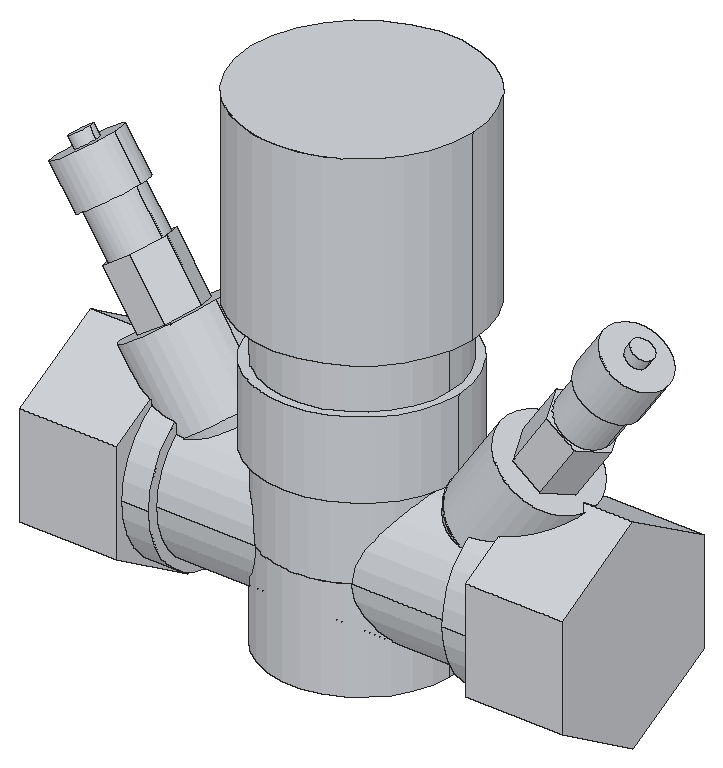
Revit family "D9525-DN25-RFA2018", category Pipe Accessories, Revit 2018
Family settings
  Round Connector Dimension = Use Diameter
  Part Type = Valve - Breaks Into
  Work Plane-Based = No
  Always vertical = Yes
  Cut with Voids When Loaded = No
  Shared = No
Parameters (values of type "9525 DN25")
  magiProductId = "1f5bab54bc3c45cdac322ce9a95cfe"
  magiProductFamilyId = "ec630ab62332464eb6277f46734e39"
  magiPartTypeId = 304
  isMeasuringValve [instance] = no
  ang2D [instance] = 0.00°
  ZZ = 11.971 mm
  ZN = 2 mm
  ZB1 = 16.333 mm
  ZB = 18.333 mm
  Z11 = 9.745 mm
  Z1 = 13.922 mm
  X0 = 18 mm
  W2D = 25 mm
  VersionID = "2.0/2019.5.23.1/VIR_9525_201"
  VIS0 = no
  V22 = 15.7 mm
  V2 = 17.8 mm
  V = 40 mm
  Use Minimum Symbol Size [instance] = no
  URL = "www.hydronic.cz"
  Type Comments = "závitový; PN10 (-10~+120°C) nebo PN20 (-10~+80°C)"
  RT = 2 mm
  RN = 18.333 mm
  R9 = 5 mm
  R8 = 6 mm
  R3 = 15 mm
  R2 = 13.333 mm
  R11 = 4.5 mm
  R1 = 9 mm
  R = 12.5 mm
  QmdConnectorList = "301;D;302;D"
  Productdata [instance] = ""
  Manufacturer = "Hydronic Systems Prague s.r.o."
  MC Product Code = "9525 025 (D9525 DN25; kvs=6,30)"
  MC Piping Given Pressure Drop [instance] = 0.0 Pa
  MC Enable LOD 350 = no
  MC Enable LOD 200 = no
  MC Constant Outlet Pressure [instance] = 0.0 Pa
  L_2 = 49 mm
  LLDONLY = not(BBVIS)  # yes
  LLDAndHLD = and(or(LLDONLY, MC Enable LOD 350), not(BBVIS))  # yes
  LC = 9.8 mm
  L3 = 22.5 mm
  L2__ve = -L2  # -5 mm
  L2D_Min = 30.48 mm
  L2D = 98 mm
  L2 = 5 mm
  L1__ve = -L1  # -17.5 mm
  L1 = 17.5 mm
  L = 98 mm
  I4 = 31.585 mm
  I3 = 49.585 mm
  I2 = 54.5 mm
  I = 109 mm
  HBTR = 8.26 mm
  HBT3 = 8.26 mm
  HBT2 = 11.013 mm
  HBT11 = 15.562 mm
  HBT1 = 27.533 mm
  HBT = 55.067 mm
  HB = 71 mm
  ENBL350 = and(MC Enable LOD 350, not(BBVIS))  # no
  Description = "Ruční vyvažovací a 2-cestný regulační ventil závitový; bronzový; DN25; kvs6,30"
  DB11 = 30.286 mm
  DB1 = 35.067 mm
  DB = 31.88 mm
  D = 25 mm
  CenSd_RN_6 = RN * cos(30.00°)  # 15.877 mm
  CenSd_R8_6 = R8 * cos(30.00°)  # 5.196 mm
  CAT0 = yes
  CAT = no
  BBVIS = MC Enable LOD 200  # no
Types (4, lengths in mm): name | magiProductId | ZZ | ZB1 | ZB | Z11 | Z1 | W2D | RN | R3 | R2 | R | MC Product Code | L_2 | L2D | L | I4 | I3 | I2 | I | HBTR | HBT3 | HBT2 | HBT11 | HBT1 | HBT | HB | Description | DB11 | DB1 | DB | D | CenSd_RN_6
  9525 DN15 NF | "38bc2a49e75f44a19550cf5c31e8d8" | 10.076 | 9 | 11 | 7 | 10 | 15 | 11 | 9 | 8 | 7.5 | "9525 015 (D9525 DN15NF; kvs=1,83)" | 41.5 | 83 | 83 | 26.585 | 44.585 | 49.5 | 99 | 6.952 | 6.952 | 9.27 | 13.099 | 23.175 | 46.35 | 51 | "Ruční vyvažovací a 2-cestný regulační ventil závitový; bronzový; DN15NF; kvs1,83" | 25.65 | 29.7 | 27 | 15 | 9.526
  9525 DN15 LF | "0f0d3c44fff84d33bcc3edb98b3d66" | 10.076 | 9 | 11 | 7 | 10 | 15 | 11 | 9 | 8 | 7.5 | "9525 014 (D9525 DN15LF; kvs=0,86)" | 41.5 | 83 | 83 | 26.585 | 44.585 | 49.5 | 99 | 6.952 | 6.952 | 9.27 | 13.099 | 23.175 | 46.35 | 51 | "Ruční vyvažovací a 2-cestný regulační ventil závitový; bronzový; DN15LF; kvs0,86" | 25.65 | 29.7 | 27 | 15 | 9.526
  9525 DN20 | "da587af331304b45b3ec03b8fa0f34" | 11.213 | 12.667 | 14.667 | 7 | 10 | 20 | 14.667 | 12 | 10.667 | 10 | "9525 020 (D9525 DN20; kvs=3,47)" | 45 | 90 | 90 | 29.585 | 47.585 | 52.5 | 105 | 7.737 | 7.737 | 10.316 | 14.577 | 25.79 | 51.58 | 51 | "Ruční vyvažovací a 2-cestný regulační ventil závitový; bronzový; DN20; kvs3,47" | 27.813 | 32.205 | 29.277 | 20 | 12.702
  9525 DN25 | "1f5bab54bc3c45cdac322ce9a95cfe" | 11.971 | 16.333 | 18.333 | 9.745 | 13.922 | 25 | 18.333 | 15 | 13.333 | 12.5 | "9525 025 (D9525 DN25; kvs=6,30)" | 49 | 98 | 98 | 31.585 | 49.585 | 54.5 | 109 | 8.26 | 8.26 | 11.013 | 15.562 | 27.533 | 55.067 | 71 | "Ruční vyvažovací a 2-cestný regulační ventil závitový; bronzový; DN25; kvs6,30" | 30.286 | 35.067 | 31.88 | 25 | 15.877
Reference planes
  plane 1 "Center (Front/Back)": y = 0
  plane 2 "XYPLANE": z = 0
  plane 3 "Center (Left/Right)": x = 0
  plane 4 "506": x = -2.2
  plane 5 "476": through (-589.498, 0, 439.988) normal (0.5736, 0, 0.8192)
  plane 6 "473": through (-639.23, 0, -420.376) normal (-0.5736, 0, 0.8192)
  plane 7 "470": z = -16.333
  plane 8 "442": x = 54.5
  plane 9 "441": x = -54.5
  plane 10 "440": y = 20
  plane 11 "439": y = -20
  plane 12 "438": z = -18.333
  plane 13 "436": through (-564.779, 0, 475.291) normal (0.5736, 0, 0.8192)
  plane 14 "435": through (-569.517, 0, 468.524) normal (0.5736, 0, 0.8192)
  plane 15 "434": through (-574.254, 0, 461.758) normal (0.5736, 0, 0.8192)
  plane 16 "433": through (-580.571, 0, 452.736) normal (0.5736, 0, 0.8192)
  plane 17 "422": through (-663.949, 0, -385.074) normal (-0.5736, 0, 0.8192)
  plane 18 "419": through (-659.211, 0, -391.84) normal (-0.5736, 0, 0.8192)
  plane 19 "416": through (-654.474, 0, -398.607) normal (-0.5736, 0, 0.8192)
  plane 20 "413": through (-648.157, 0, -407.628) normal (-0.5736, 0, 0.8192)
  plane 21 "400": z = 55.2
  plane 22 "397": z = 53.2
  plane 23 "396": z = 71
  plane 24 "395": z = 37.588
  plane 25 "394": x = -20
  plane 26 "393": x = -0.2
  plane 27 "390": z = 27.843
  plane 28 "387": z = 13.922
  plane 29 "369": x = -18
  plane 30 "368": x = 18
  plane 31 "364": z = -18.333
  plane 32 "356": y = 0
  plane 33 "355": through (-448.182, 0, 614.364) normal (0.8192, 0, 0.5736)
  plane 34 "353": through (-632.364, 0, -430.182) normal (-0.5736, 0, 0.8192)
  plane 35 "328": y = 0
  plane 36 "157": x = 26.5
  plane 37 "70": through (-596.364, 0, 430.182) normal (0.5736, 0, 0.8192)
  plane 38 "68": through (448.182, 0, 614.364) normal (0.8192, 0, -0.5736)
  plane 39 "21": x = -26.5
  plane 40 "20": x = 31.5
  plane 41 "19": x = -31.5
  plane 42 "13": x = 0
  plane 43 "11": x = 49
  plane 44 "10": x = -49
  plane 45 "9": y = 0
  plane 46 "8": z = 0
  plane 47 "340XY": through (-632.364, 0, -430.182) normal (-0.5736, 0, 0.8192)
  plane 48 "340XZ": y = 0
  plane 49 "340YZ": through (-448.182, 0, 614.364) normal (0.8192, 0, 0.5736)
  plane 50 "65XY": through (-596.364, 0, 430.182) normal (0.5736, 0, 0.8192)
  plane 51 "65XZ": y = 0
  plane 52 "65YZ": through (448.182, 0, 614.364) normal (0.8192, 0, -0.5736)
Forms (mm)
  Extrusion 1, solid, visible <- "LLDAndHLD"
    sketch origin (-580.571, 0, 452.736) x (0.819152, 0, -0.573576) y (0, 1, 0)
      loop
        line (756, 0) -> (753, 5.196) -> (747, 5.196) -> (744, 0) -> (747, -5.196) -> (753, -5.196) -> (756, 0)
    from 0 to 11.013 <- "HBT2"
  Extrusion 2, solid, visible <- "LLDAndHLD"
    sketch origin (-648.157, 0, -407.628) x (0.819152, 0, 0.573576) y (0, 1, 0)
      loop
        line (756, 0) -> (753, 5.196) -> (747, 5.196) -> (744, 0) -> (747, -5.196) -> (753, -5.196) -> (756, 0)
    from 0 to 11.013 <- "HBT2"
  Blend 3, solid, visible <- "LLDAndHLD"
    base sketch origin (-596.364, 0, 430.182) x (0.819152, 0, -0.573576) y (0, 1, 0)
      loop
        circle (750, 0) r 4.5
    top sketch origin (-596.364, 0, 430.182) x (0.819152, 0, -0.573576) y (0, 1, 0)
      loop
        circle (750, 0) r 9
    from 0 to 11.971
  Blend 4, solid, visible <- "LLDAndHLD"
    base sketch origin (-639.23, 0, -420.376) x (0.819152, 0, 0.573576) y (0, 1, 0)
      loop
        circle (750, 0) r 9
    top sketch origin (-639.23, 0, -420.376) x (0.819152, 0, 0.573576) y (0, 1, 0)
      loop
        circle (750, 0) r 4.5
    from 0 to -11.971
  Blend 5, solid, visible <- "ENBL350"
    base sketch origin (-750, 0, -16.333) x (1, 0, 0) y (0, 1, 0)
      loop
        circle (750, 0) r 15.94
    top sketch origin (-750, 0, -16.333) x (1, 0, 0) y (0, 1, 0)
      loop
        circle (750, 0) r 15.143
    from 0 to -2
  Extrusion 6, solid, visible <- "ENBL350"
    sketch origin (-750, 0, -16.333) x (1, 0, 0) y (0, 1, 0)
      loop
        circle (750, 0) r 15.94
    from 0 to 16.333 <- "ZB1"
  Blend 7, solid, visible <- "BBVIS"
    base sketch origin (-750, 0, -18.333) x (1, 0, 0) y (0, 1, 0)
      loop
        line (695.5, -20) -> (804.5, -20) -> (804.5, 20) -> (695.5, 20) -> (695.5, -20)
    top sketch origin (-750, 0, -18.333) x (1, 0, 0) y (0, 1, 0)
      loop
        line (695.5, -20) -> (804.5, -20) -> (804.5, 20) -> (695.5, 20) -> (695.5, -20)
    from 0 to 89.333
  Blend 8, solid, visible <- "LLDONLY"
    base sketch origin (-750, 0, 37.588) x (1, 0, 0) y (0, 1, 0)
      loop
        circle (750, 0) r 20
    top sketch origin (-750, 0, 37.588) x (1, 0, 0) y (0, 1, 0)
      loop
        circle (750, 0) r 20
    from 0 to 33.412
  Extrusion 9, solid, visible <- "LLDAndHLD"
    sketch origin (-589.498, 0, 439.988) x (0.819152, 0, -0.573576) y (0, 1, 0)
      loop
        circle (750, 0) r 9
    from 0 to 15.562 <- "HBT11"
  Extrusion 10, solid, visible <- "LLDAndHLD"
    sketch origin (-574.254, 0, 461.758) x (0.819152, 0, -0.573576) y (0, 1, 0)
      loop
        circle (750, 0) r 5
    from 0 to 8.26 <- "HBT3"
  Extrusion 11, solid, visible <- "LLDAndHLD"
    sketch origin (-569.517, 0, 468.524) x (0.819152, 0, -0.573576) y (0, 1, 0)
      loop
        circle (750, 0) r 6
    from 0 to 8.26 <- "HBTR"
  Extrusion 12, solid, visible <- "LLDAndHLD"
    sketch origin (-564.779, 0, 475.291) x (0.819152, 0, -0.573576) y (0, 1, 0)
      loop
        circle (750, 0) r 2
    from 0 to 2
  Extrusion 13, solid, visible <- "LLDAndHLD"
    sketch origin (-663.949, 0, -385.074) x (0.819152, 0, 0.573576) y (0, 1, 0)
      loop
        circle (750, 0) r 2
    from 0 to 2
  Extrusion 14, solid, visible <- "LLDAndHLD"
    sketch origin (-659.211, 0, -391.84) x (0.819152, 0, 0.573576) y (0, 1, 0)
      loop
        circle (750, 0) r 6
    from 0 to 8.26 <- "HBTR"
  Extrusion 15, solid, visible <- "LLDAndHLD"
    sketch origin (-654.474, 0, -398.607) x (0.819152, 0, 0.573576) y (0, 1, 0)
      loop
        circle (750, 0) r 5
    from 0 to 8.26 <- "HBT3"
  Extrusion 16, solid, visible <- "LLDAndHLD"
    sketch origin (-639.23, 0, -420.376) x (0.819152, 0, 0.573576) y (0, 1, 0)
      loop
        circle (750, 0) r 9
    from 0 to 15.562 <- "HBT11"
  Revolve 17, solid, visible <- "ENBL350"
    sketch origin (-0.2, 0, 27) x (0, 0, -1) y (1, 0, 0)
      loop
        line (-10.588, 0) -> (-44, 0) -> (-44, -2) -> (-44, -4.1)
        arc (-44, -4.1) -> (-39.402, -15.202) -> (-28.3, -19.8) r 15.7
        line (-28.3, -19.8) -> (-10.588, -19.8) -> (-10.588, -2) -> (-10.588, 0)
      axis (-44, 0.2) -> (-10.588, 0.2)
    angle from 0 to -360
  Extrusion 18, solid, visible <- "LLDAndHLD"
    sketch origin (-750, 0, 27.843) x (1, 0, 0) y (0, 1, 0)
      loop
        circle (750, 0) r 15.94
    from 0 to 9.745 <- "Z11"
  Extrusion 19, solid, visible <- "LLDAndHLD"
    sketch origin (-750, 0, 13.922) x (1, 0, 0) y (0, 1, 0)
      loop
        circle (750, 0) r 17.534
    from 0 to 13.922 <- "Z1"
  Blend 20, solid, visible <- "LLDAndHLD"
    base sketch origin (-26.5, -750, 0) x (0, 1, 0) y (0, 0, 1)
      loop
        circle (750, 0) r 13.333
    top sketch origin (-26.5, -750, 0) x (0, 1, 0) y (0, 0, 1)
      loop
        circle (750, 0) r 13.333
    from 0 to 53
  Extrusion 21, solid, visible <- "LLDAndHLD"
    sketch origin (-750, 0, 0) x (1, 0, 0) y (0, 1, 0)
      loop
        circle (750, 0) r 15.94
    from 0 to 13.922 <- "Z1"
  Extrusion 22, solid, visible <- "LLDONLY"
    sketch origin (-750, 0, -18.333) x (1, 0, 0) y (0, 1, 0)
      loop
        circle (750, 0) r 15.94
    from 0 to 18.333 <- "ZB"
  Extrusion 23, solid, visible <- "LLDAndHLD"
    sketch origin (26.5, -750, 0) x (0, 1, 0) y (0, 0, 1)
      loop
        circle (750, 0) r 15
    from 0 to 5 <- "L2"
  Extrusion 24, solid, visible <- "LLDAndHLD"
    sketch origin (-26.5, -750, 0) x (0, 1, 0) y (0, 0, 1)
      loop
        circle (750, 0) r 15
    from 0 to -5 <- "L2__ve"
  Extrusion 25, solid, visible <- "LLDAndHLD"
    sketch origin (49, -750, 0) x (0, 1, 0) y (0, 0, 1)
      loop
        line (750, 18.333) -> (734.123, 9.167) -> (734.123, -9.167) -> (750, -18.333) -> (765.877, -9.167) -> (765.877, 9.167) -> (750, 18.333)
    from 0 to -17.5 <- "L1__ve"
  Extrusion 26, solid, visible <- "LLDAndHLD"
    sketch origin (-49, -750, 0) x (0, 1, 0) y (0, 0, 1)
      loop
        line (750, 18.333) -> (734.123, 9.167) -> (734.123, -9.167) -> (750, -18.333) -> (765.877, -9.167) -> (765.877, 9.167) -> (750, 18.333)
    from 0 to 17.5 <- "L1"
  Extrusion 27, solid, not visible
    sketch origin (49, -750, 0) x (0, 1, 0) y (0, 0, 1)
      loop
        circle (750, 0) r 10
    from 0 to -10
  Extrusion 28, solid, not visible
    sketch origin (-49, -750, 0) x (0, 1, 0) y (0, 0, 1)
      loop
        circle (750, 0) r 10
    from 0 to 10
Lines and regions (mm)
  reference lines, not visible
    curve 1: circle (2, 2, 0) r 1 normal (0, 0, 1)
  reference lines
    curve 2: line (33.793, 0, 22.554) -> (32.564, 2.598, 23.414)
    curve 3: line (33.793, 0, 22.554) -> (31.335, 0, 24.275)
    curve 4: line (33.793, 0, 22.554) -> (32.564, -2.598, 23.414)
    curve 5: line (-33.793, 0, 22.554) -> (-35.021, 2.598, 21.694)
    curve 6: line (-33.793, 0, 22.554) -> (-36.25, 0, 20.833)
    curve 7: line (-33.793, 0, 22.554) -> (-35.021, -2.598, 21.694)
    curve 8: line (49, 0, 0) -> (49, -4.763, -2.75)
    curve 9: line (49, 0, 0) -> (49, 0, -5.5)
    curve 10: line (49, 0, 0) -> (49, 4.763, -2.75)
    curve 11: line (-49, 0, 0) -> (-49, 4.763, -2.75)
    curve 12: line (-49, 0, 0) -> (-49, 0, -5.5)
    curve 13: line (-49, 0, 0) -> (-49, -4.763, -2.75)
Dimensions and locks
  plane 1 "Center (Front/Back)" to curve 1 = 2 mm
  locked: plane 26 "393" to plane 4 "506" at 2
  "ZZ": plane 37 "70" to plane 5 "476"
  "ZZ": plane 34 "353" to plane 6 "473"
  locked: plane 31 "364" to plane 7 "470" at 2
  "I2": plane 42 "13" to plane 8 "442"
  "I2": plane 42 "13" to plane 9 "441"
  "V": plane 11 "439" to plane 10 "440"
  locked: plane 45 "9" to plane 11 "439" at 20
  "RN": plane 46 "8" to plane 12 "438"
  "HBTR": plane 14 "435" to plane 13 "436"
  "HBT3": plane 15 "434" to plane 14 "435"
  "HBT2": plane 16 "433" to plane 15 "434"
  "HBT1": plane 37 "70" to plane 16 "433"
  "HBTR": plane 18 "419" to plane 17 "422"
  "HBT3": plane 19 "416" to plane 18 "419"
  "HBT2": plane 20 "413" to plane 19 "416"
  "HBT1": plane 34 "353" to plane 20 "413"
  "ZN": plane 22 "397" to plane 21 "400"
  "V2": plane 23 "396" to plane 22 "397"
  "HB": plane 2 "XYPLANE" to plane 23 "396"
  "Z11": plane 27 "390" to plane 24 "395"
  "V2": plane 4 "506" to plane 25 "394"
  locked: plane 42 "13" to plane 26 "393" at 0.2
  "Z1": plane 28 "387" to plane 27 "390"
  "Z1": plane 2 "XYPLANE" to plane 28 "387"
  "X0": plane 3 "Center (Left/Right)" to plane 29 "369"
  "X0": plane 3 "Center (Left/Right)" to plane 30 "368"
  "ZB": plane 2 "XYPLANE" to plane 31 "364"
  locked: plane 45 "9" to plane 32 "356"
  locked: plane 49 "340YZ" to plane 33 "355"
  locked: plane 47 "340XY" to plane 34 "353" at 0
  locked: plane 45 "9" to plane 35 "328"
  "L2": plane 40 "20" to plane 36 "157"
  locked: plane 50 "65XY" to plane 37 "70"
  locked: plane 52 "65YZ" to plane 38 "68"
  "L2": plane 41 "19" to plane 39 "21"
  "L1": plane 43 "11" to plane 40 "20"
  "L1": plane 44 "10" to plane 41 "19"
  locked: plane 3 "Center (Left/Right)" to plane 42 "13"
  "L_2": plane 3 "Center (Left/Right)" to plane 43 "11"
  "L_2": plane 3 "Center (Left/Right)" to plane 44 "10"
  locked: plane 1 "Center (Front/Back)" to plane 45 "9"
  locked: plane 2 "XYPLANE" to plane 46 "8"
  "CenSd_R8_6": curve 2 to Extrusion 1 sketch curve  (x2)
  "CenSd_R8_6": curve 3 to Extrusion 1 sketch curve  (x2)
  "CenSd_R8_6": curve 4 to Extrusion 1 sketch curve  (x2)
  Extrusion 1 sketch curve to Extrusion 1 sketch curve = 0 mm  (x12)
  "CenSd_R8_6": curve 5 to Extrusion 2 sketch curve  (x2)
  "CenSd_R8_6": curve 6 to Extrusion 2 sketch curve  (x2)
  "CenSd_R8_6": curve 7 to Extrusion 2 sketch curve  (x2)
  Extrusion 2 sketch curve to Extrusion 2 sketch curve = 0 mm  (x12)
  Blend 7 sketch curve to Blend 7 sketch curve = 0 mm  (x16)
  Revolve 17 sketch curve to Revolve 17 sketch curve = 0 mm  (x14)
  "CenSd_RN_6": curve 8 to Extrusion 25 sketch curve  (x2)
  "CenSd_RN_6": curve 9 to Extrusion 25 sketch curve  (x2)
  "CenSd_RN_6": curve 10 to Extrusion 25 sketch curve  (x2)
  Extrusion 25 sketch curve to Extrusion 25 sketch curve = 0 mm  (x12)
  "CenSd_RN_6": curve 11 to Extrusion 26 sketch curve  (x2)
  "CenSd_RN_6": curve 12 to Extrusion 26 sketch curve  (x2)
  "CenSd_RN_6": curve 13 to Extrusion 26 sketch curve  (x2)
  Extrusion 26 sketch curve to Extrusion 26 sketch curve = 0 mm  (x12)
  "R1": radius of Blend 3 sketch curve
  "R11": radius of Blend 3 sketch curve
  "R11": radius of Blend 4 sketch curve
  "R1": radius of Blend 4 sketch curve
  "DB11": diameter of Blend 5 sketch curve
  "DB": diameter of Blend 5 sketch curve
  "DB": diameter of Extrusion 6 sketch curve
  "V": diameter of Blend 8 sketch curve  (x2)
  "R1": radius of Extrusion 9 sketch curve
  "R9": radius of Extrusion 10 sketch curve
  "R8": radius of Extrusion 11 sketch curve
  "RT": radius of Extrusion 12 sketch curve
  "RT": radius of Extrusion 13 sketch curve
  "R8": radius of Extrusion 14 sketch curve
  "R9": radius of Extrusion 15 sketch curve
  "R1": radius of Extrusion 16 sketch curve
  "V22": radius of Revolve 17 sketch curve
  "DB": diameter of Extrusion 18 sketch curve
  "DB1": diameter of Extrusion 19 sketch curve
  "R2": radius of Blend 20 sketch curve  (x2)
  "DB": diameter of Extrusion 21 sketch curve
  "DB": diameter of Extrusion 22 sketch curve
  "R3": radius of Extrusion 23 sketch curve
  "R3": radius of Extrusion 24 sketch curve
  locked: curve 3 to curve 2 (angle 60.00°)
  locked: curve 4 to curve 3 (angle 60.00°)
  locked: curve 4 to curve 2 (angle 120.00°)
  locked: curve 6 to curve 5 (angle 60.00°)
  locked: curve 7 to curve 6 (angle 60.00°)
  locked: curve 7 to curve 5 (angle 120.00°)
  locked: curve 9 to curve 8 (angle 60.00°)
  locked: curve 10 to curve 9 (angle 60.00°)
  locked: curve 10 to curve 8 (angle 120.00°)
  locked: curve 12 to curve 11 (angle 60.00°)
  locked: curve 13 to curve 12 (angle 60.00°)
  locked: curve 13 to curve 11 (angle 120.00°)
  aligned and locked: level to plane 2 "XYPLANE"
  aligned and locked: curve 2 to plane 38 "68"
  aligned and locked: plane 35 "328" to curve 3
  aligned and locked: curve 5 to plane 33 "355"
  aligned and locked: plane 32 "356" to curve 6
  aligned and locked: plane 35 "328" to Blend 3 sketch curve  (x2)
  aligned and locked: Blend 3 sketch curve to plane 38 "68"  (x2)
  aligned and locked: plane 5 "476" to Blend 3
  aligned and locked: plane 32 "356" to Blend 4 sketch curve  (x2)
  aligned and locked: Blend 4 sketch curve to plane 33 "355"  (x2)
  aligned and locked: Blend 4 to plane 34 "353"
  aligned and locked: plane 42 "13" to Blend 5 sketch curve  (x2)
  aligned and locked: plane 45 "9" to Blend 5 sketch curve  (x2)
  aligned and locked: Blend 5 to plane 31 "364"
  aligned and locked: plane 42 "13" to Extrusion 6 sketch curve
  aligned and locked: plane 45 "9" to Extrusion 6 sketch curve
  aligned and locked: plane 9 "441" to Blend 7 sketch curve  (x4)
  aligned and locked: plane 11 "439" to Blend 7 sketch curve  (x4)
  aligned and locked: plane 10 "440" to Blend 7 sketch curve  (x4)
  aligned and locked: plane 8 "442" to Blend 7 sketch curve  (x4)
  aligned and locked: plane 23 "396" to Blend 7
  aligned and locked: plane 42 "13" to Blend 8 sketch curve  (x2)
  aligned and locked: plane 45 "9" to Blend 8 sketch curve  (x2)
  aligned and locked: plane 23 "396" to Blend 8
  aligned and locked: plane 35 "328" to Extrusion 9 sketch curve
  aligned and locked: Extrusion 9 sketch curve to plane 38 "68"
  aligned and locked: plane 35 "328" to Extrusion 10 sketch curve
  aligned and locked: Extrusion 10 sketch curve to plane 38 "68"
  aligned and locked: plane 35 "328" to Extrusion 11 sketch curve
  aligned and locked: Extrusion 11 sketch curve to plane 38 "68"
  aligned and locked: plane 35 "328" to Extrusion 12 sketch curve
  aligned and locked: Extrusion 12 sketch curve to plane 38 "68"
  aligned and locked: plane 32 "356" to Extrusion 13 sketch curve
  aligned and locked: Extrusion 13 sketch curve to plane 33 "355"
  aligned and locked: plane 32 "356" to Extrusion 14 sketch curve
  aligned and locked: Extrusion 14 sketch curve to plane 33 "355"
  aligned and locked: plane 32 "356" to Extrusion 15 sketch curve
  aligned and locked: Extrusion 15 sketch curve to plane 33 "355"
  aligned and locked: plane 32 "356" to Extrusion 16 sketch curve
  aligned and locked: Extrusion 16 sketch curve to plane 33 "355"
  aligned and locked: plane 26 "393" to Revolve 17 sketch curve  (x2)
  aligned and locked: plane 24 "395" to Revolve 17 sketch curve  (x3)
  aligned and locked: plane 23 "396" to Revolve 17 sketch curve  (x3)
  aligned and locked: plane 4 "506" to Revolve 17 sketch curve  (x2)
  aligned and locked: Revolve 17 sketch curve to plane 25 "394"
  aligned and locked: plane 25 "394" to Revolve 17 sketch curve
  aligned and locked: Revolve 17 sketch curve to plane 24 "395"
  aligned and locked: plane 42 "13" to Extrusion 18 sketch curve
  aligned and locked: plane 45 "9" to Extrusion 18 sketch curve
  aligned and locked: plane 42 "13" to Extrusion 19 sketch curve
  aligned and locked: plane 45 "9" to Extrusion 19 sketch curve
  aligned and locked: Blend 20 sketch curve to plane 45 "9"  (x2)
  aligned and locked: plane 46 "8" to Blend 20 sketch curve  (x2)
  aligned and locked: plane 36 "157" to Blend 20
  aligned and locked: plane 42 "13" to Extrusion 21 sketch curve
  aligned and locked: plane 45 "9" to Extrusion 21 sketch curve
  aligned and locked: plane 42 "13" to Extrusion 22 sketch curve
  aligned and locked: plane 45 "9" to Extrusion 22 sketch curve
  aligned and locked: Extrusion 23 sketch curve to plane 45 "9"
  aligned and locked: plane 46 "8" to Extrusion 23 sketch curve
  aligned and locked: Extrusion 24 sketch curve to plane 45 "9"
  aligned and locked: plane 46 "8" to Extrusion 24 sketch curve
  aligned and locked: curve 10 to plane 45 "9"
  aligned and locked: plane 46 "8" to curve 10
  aligned and locked: curve 13 to plane 45 "9"
  aligned and locked: plane 46 "8" to curve 13
  aligned and locked: Extrusion 27 sketch curve to plane 45 "9"
  aligned and locked: plane 46 "8" to Extrusion 27 sketch curve
  aligned and locked: Extrusion 28 sketch curve to plane 45 "9"
  aligned and locked: plane 46 "8" to Extrusion 28 sketch curve
  aligned and locked: plane 42 "13" to nested 1
  aligned and locked: plane 45 "9" to nested 1
Automatic sketch dimensions
  plane 1 "Center (Front/Back)" to Extrusion 27 sketch curve = 10 mm
  plane 1 "Center (Front/Back)" to Extrusion 28 sketch curve = 10 mm
  plane 3 "Center (Left/Right)" to curve 1 = 2 mm
  Revolve 17 sketch curve to plane 3 "Center (Left/Right)" = 0 mm
  radius of curve 1 = 1 mm
Nested families
  nested 1: "2_RadialArray" at (0, 0, 55.2), LC <- "LC", type "Family21"
    with X 11 mm, StartAngle 90.00°, SW 5 mm, SH 13 mm, NumberOfObjects 6, ModelLinesVisible no, LC 9.8 mm, ArcAngle 360.00°
Connectors
  piping at (-49, 0, 0), diameter 25, driven by "D"
    settings: on Extrusion 28, index 1, connector inside diameter 609.6 mm, connector length 0 mm, flow factor 0, pipe flow 0.0 L/s, pressure drop 0.0 Pa, fitting loss kfactor 0, connector angle 0.00°, fixture units 0, engagement length 0 mm, angle of deflection 0.00°, flow configuration 0, flow direction 0, fitting loss method 0, system type 29, joint type 0, gender type 0, connector reference index 2, connector utility 0, adjustable connector no, is connector primary yes, connector description ""
  piping at (49, 0, 0), diameter 25, driven by "D"
    settings: on Extrusion 27, index 2, connector inside diameter 609.6 mm, connector length 0 mm, flow factor 0, pipe flow 0.0 L/s, pressure drop 0.0 Pa, fitting loss kfactor 0, connector angle 0.00°, fixture units 0, engagement length 0 mm, angle of deflection 0.00°, flow configuration 0, flow direction 0, fitting loss method 0, system type 29, joint type 0, gender type 0, connector reference index 1, connector utility 0, adjustable connector no, is connector primary no, connector description ""
